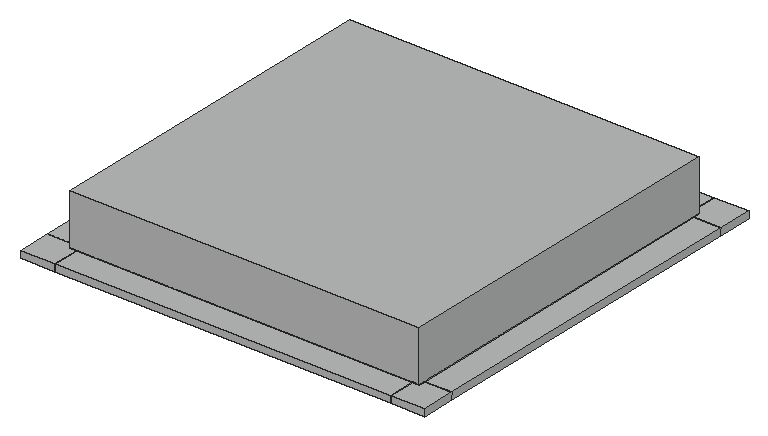
Revit family "ALUMOGIPS", category Осветительные приборы, Revit 2019 (continued)
Types (72, lengths in mm): name | Файл фотометрической сетки | built-in parameter 1150105 | Lumens | built-in parameter 1150106 | built-in parameter 1150142 | Wattage | Emit from Rectangle Width | Emit from Rectangle Length | Длина | Материал светильника | Ширина | ADSK_Ток | ADSK_Полная мощность | ADSK_Обозначение | ADSK_Номинальная мощность | ADSK_Наименование | ADSK_Масса | ADSK_Код изделия
  Alumogips-38/opal-sand 295х1195 (IP54, 4000К, серый) c БАП на 3 часа | "Светильник ALUMOGIPS-38 OPAL-SAND-(295x1195).ies" | 302.39 (stored number, unit not read) | 3800 lm | 3.0239 (stored number, unit not read) | "IESNA:LM-63-1995\r\n[TEST] Протокол №334/16 от 03.11.2016г. Испытательная лаборатория Государственного предприятия \"ЦСОТ НАН Беларуси\"\r\n[MORE] FFFFFFFD255B12BA015C13F525FB5F2F2\r\n[DATA] 02.11.2016\r\n[MANUFAC] ЗАО \"Центрстройсвет\"\r\n[LUMCAT] Светильник ALUMOGIPS-38/OPAL-SAND-(295X1195)\r\n[LUMINAIRE] офисное освещение\r\n[LAMP] \r\nTILT=NONE\r\n1    -1.0   1.000 91 181 1 2   .295   1.195   0.04\r\n1.0  1.0   37.90\r\n0.0 2.0 4.0 6.0 8.0 10.0 12.0 14.0 16.0 18.0 20.0 22.0 24.0 26.0 28.0 30.0 32.0 34.0 36.0 38.0 40.0 42.0 44.0 46.0 48.0 50.0 52.0 54.0 56.0 58.0 60.0 62.0 64.0 66.0 68.0 70.0 72.0 74.0 76.0 78.0 80.0 82.0 84.0 86.0 88.0 90.0 92.0 94.0 96.0 98.0 100.0 102.0 104.0 106.0 108.0 110.0 112.0 114.0 116.0 118.0 120.0 122.0 124.0 126.0 128.0 130.0 132.0 134.0 136.0 138.0 140.0 142.0 144.0 146.0 148.0 150.0 152.0 154.0 156.0 158.0 160.0 162.0 164.0 166.0 168.0 170.0 172.0 174.0 176.0 178.0 180.0 \r\n0.0 2.0 4.0 6.0 8.0 10.0 12.0 14.0 16.0 18.0 20.0 22.0 24.0 26.0 28.0 30.0 32.0 34.0 36.0 38.0 40.0 42.0 44.0 46.0 48.0 50.0 52.0 54.0 56.0 58.0 60.0 62.0 64.0 66.0 68.0 70.0 72.0 74.0 76.0 78.0 80.0 82.0 84.0 86.0 88.0 90.0 92.0 94.0 96.0 98.0 100.0 102.0 104.0 106.0 108.0 110.0 112.0 114.0 116.0 118.0 120.0 122.0 124.0 126.0 128.0 130.0 132.0 134.0 136.0 138.0 140.0 142.0 144.0 146.0 148.0 150.0 152.0 154.0 156.0 158.0 160.0 162.0 164.0 166.0 168.0 170.0 172.0 174.0 176.0 178.0 180.0 182.0 184.0 186.0 188.0 190.0 192.0 194.0 196.0 198.0 200.0 202.0 204.0 206.0 208.0 210.0 212.0 214.0 216.0 218.0 220.0 222.0 224.0 226.0 228.0 230.0 232.0 234.0 236.0 238.0 240.0 242.0 244.0 246.0 248.0 250.0 252.0 254.0 256.0 258.0 260.0 262.0 264.0 266.0 268.0 270.0 272.0 274.0 276.0 278.0 280.0 282.0 284.0 286.0 288.0 290.0 292.0 294.0 296.0 298.0 300.0 302.0 304.0 306.0 308.0 310.0 312.0 314.0 316.0 318.0 320.0 322.0 324.0 326.0 328.0 330.0 332.0 334.0 336.0 338.0 340.0 342.0 344.0 346.0 348.0 350.0 352.0 354.0 356.0 358.0 360.0 \r\n1417.637 1416.354 1411.816 1405.303 1395.733 1384.288 1370.276 1353.307 1334.658 1313.741 1290.456 1264.901 1237.669 1208.563 1177.582 1144.923 1111.476 1076.252 \r\n1039.646 1001.857 963.476 923.417 883.260 842.018 801.072 758.644 716.317 673.693 630.576 587.064 543.749 500.435 457.614 414.891 371.972 330.137 289.191 248.836 209.765 171.778 \r\n133.693 99.653 67.389 36.901 9.077 0.592 0.592 0.592 0.493 0.493 0.493 0.493 0.493 0.493 0.493 0.493 0.395 0.395 0.395 0.395 0.395 0.395 0.395 0.296 0.296 0.296 0.296 0.296 0.296 0.296 0.296 0.197 \r\n0.197 0.197 0.197 0.197 0.197 0.197 0.197 0.098 0.098 0.098 0.098 0.098 0.098 0.098 0.098 0.000 0.000 0.000 0.000 \r\n1417.637 1416.453 1411.914 1405.402 1395.930 1384.583 1370.671 1353.701 1335.053 1314.234 1290.850 1265.395 1238.261 1209.155 1178.075 1145.515 1112.067 1076.844 \r\n1040.239 1002.548 964.167 924.207 883.951 842.708 801.762 759.336 717.008 674.383 631.267 587.755 544.441 501.126 458.206 415.385 372.465 330.631 289.585 249.231 210.160 172.172 \r\n134.088 99.949 67.685 37.198 9.275 0.592 0.592 0.592 0.493 0.493 0.493 0.493 0.493 0.493 0.493 0.493 0.395 0.395 0.395 0.395 0.395 0.395 0.395 0.296 0.296 0.296 0.296 0.296 0.296 0.296 0.296 0.197 \r\n0.197 0.197 0.197 0.197 0.197 0.197 0.197 0.098 0.098 0.098 0.098 0.098 0.098 0.098 0.098 0.000 0.000 0.000 0.000 \r\n1417.637 1416.453 1412.013 1405.600 1396.226 1384.781 1370.968 1354.095 1335.448 1314.629 1291.344 1265.888 1238.754 1209.648 1178.667 1146.206 1112.758 1077.534 \r\n1040.929 1003.140 964.857 924.898 884.740 843.400 802.453 760.026 717.698 674.976 631.859 588.446 545.032 501.718 458.798 415.977 373.057 331.124 290.079 249.625 210.553 172.567 \r\n134.383 100.245 67.883 37.394 9.472 0.592 0.592 0.592 0.493 0.493 0.493 0.493 0.493 0.493 0.493 0.493 0.395 0.395 0.395 0.395 0.395 0.395 0.395 0.296 0.296 0.296 0.296 0.296 0.296 0.296 0.296 0.197 \r\n0.197 0.197 0.197 0.197 0.197 0.197 0.197 0.098 0.098 0.098 0.098 0.098 0.098 0.098 0.098 0.000 0.000 0.000 0.000 \r\n1417.637 1416.551 1412.111 1405.796 1396.423 1385.077 1371.264 1354.391 1335.842 1315.024 1291.837 1266.382 1239.248 1210.240 1179.259 1146.798 1113.350 1078.126 \r\n1041.620 1003.831 965.548 925.588 885.431 844.090 803.143 760.717 718.389 675.666 632.549 589.038 545.723 502.310 459.390 416.569 373.550 331.617 290.474 250.119 210.948 172.863 \r\n134.679 100.541 68.178 37.591 9.669 0.592 0.592 0.592 0.493 0.493 0.493 0.493 0.493 0.493 0.493 0.493 0.395 0.395 0.395 0.395 0.395 0.395 0.395 0.296 0.296 0.296 0.296 0.296 0.296 0.296 0.296 0.197 \r\n0.197 0.197 0.197 0.197 0.197 0.197 0.197 0.098 0.098 0.098 0.098 0.098 0.098 0.098 0.098 0.000 0.000 0.000 0.000 \r\n1417.637 1416.551 1412.309 1405.895 1396.621 1385.373 1371.559 1354.786 1336.237 1315.419 1292.232 1266.875 1239.742 1210.733 1179.851 1147.390 1113.942 1078.816 \r\n1042.310 1004.521 966.238 926.279 886.121 844.879 803.834 761.408 719.080 676.357 633.240 589.728 546.315 502.902 459.982 417.062 374.043 332.110 290.967 250.513 211.343 173.258 \r\n135.074 100.837 68.376 37.888 9.965 0.592 0.592 0.592 0.493 0.493 0.493 0.493 0.493 0.493 0.493 0.493 0.395 0.395 0.395 0.395 0.395 0.395 0.395 0.296 0.296 0.296 0.296 0.296 0.296 0.296 0.296 0.197 \r\n0.197 0.197 0.197 0.197 0.197 0.197 0.197 0.098 0.098 0.098 0.098 0.098 0.098 0.098 0.098 0.000 0.000 0.000 0.000 \r\n1417.637 1416.650 1412.407 1406.093 1396.917 1385.669 1371.954 1355.181 1336.632 1315.912 1292.725 1267.368 1240.334 1211.325 1180.443 1147.982 1114.633 1079.409 \r\n1042.903 1005.212 966.929 926.969 886.812 845.569 804.524 762.098 719.770 677.048 633.832 590.320 546.907 503.494 460.574 417.654 374.636 332.603 291.460 250.908 211.738 173.653 \r\n135.371 101.133 68.671 38.086 10.163 0.592 0.592 0.592 0.493 0.493 0.493 0.493 0.493 0.493 0.493 0.493 0.395 0.395 0.395 0.395 0.395 0.395 0.395 0.296 0.296 0.296 0.296 0.296 0.296 0.296 0.296 0.197 \r\n0.197 0.197 0.197 0.197 0.197 0.197 0.197 0.098 0.098 0.098 0.098 0.098 0.098 0.098 0.098 0.000 0.000 0.000 0.000 \r\n1417.637 1416.650 1412.506 1406.191 1397.114 1385.866 1372.250 1355.576 1337.027 1316.307 1293.218 1267.861 1240.827 1211.918 1181.035 1148.672 1115.225 1080.099 \r\n1043.593 1005.902 967.620 927.660 887.503 846.260 805.215 762.789 720.461 677.739 634.523 591.011 547.598 504.086 461.166 418.247 375.129 333.098 291.855 251.401 212.132 173.948 \r\n135.666 101.429 68.968 38.381 10.360 0.592 0.592 0.592 0.493 0.493 0.493 0.493 0.493 0.493 0.493 0.493 0.395 0.395 0.395 0.395 0.395 0.395 0.395 0.296 0.296 0.296 0.296 0.296 0.296 0.296 0.296 0.197 \r\n0.197 0.197 0.197 0.197 0.197 0.197 0.197 0.098 0.098 0.098 0.098 0.098 0.098 0.098 0.098 0.000 0.000 0.000 0.000 \r\n1417.637 1416.650 1412.604 1406.389 1397.311 1386.162 1372.546 1355.871 1337.421 1316.701 1293.613 1268.355 1241.320 1212.411 1181.627 1149.265 1115.816 1080.691 \r\n1044.284 1006.593 968.212 928.351 888.194 846.951 805.906 763.479 721.151 678.429 635.213 591.702 548.190 504.777 461.758 418.740 375.721 333.591 292.348 251.796 212.527 174.343 \r\n135.962 101.627 69.165 38.579 10.557 0.592 0.592 0.592 0.493 0.493 0.493 0.493 0.493 0.493 0.493 0.395 0.395 0.395 0.395 0.395 0.395 0.395 0.395 0.296 0.296 0.296 0.296 0.296 0.296 0.296 0.296 0.197 \r\n0.197 0.197 0.197 0.197 0.197 0.197 0.197 0.098 0.098 0.098 0.098 0.098 0.098 0.098 0.098 0.000 0.000 0.000 0.000 \r\n1417.637 1416.749 1412.704 1406.586 1397.607 1386.458 1372.941 1356.266 1337.815 1317.095 1294.106 1268.848 1241.813 1213.003 1182.219 1149.856 1116.409 1081.382 \r\n1044.876 1007.283 968.902 929.042 888.885 847.642 806.597 764.170 721.843 679.120 635.806 592.293 548.881 505.368 462.351 419.332 376.214 334.084 292.841 252.191 212.922 174.738 \r\n136.357 101.922 69.461 38.776 10.853 0.592 0.592 0.592 0.493 0.493 0.493 0.493 0.493 0.493 0.493 0.395 0.395 0.395 0.395 0.395 0.395 0.395 0.395 0.296 0.296 0.296 0.296 0.296 0.296 0.296 0.296 0.197 \r\n0.197 0.197 0.197 0.197 0.197 0.197 0.197 0.098 0.098 0.098 0.098 0.098 0.098 0.098 0.098 0.000 0.000 0.000 0.000 \r\n1417.637 1416.749 1412.802 1406.684 1397.805 1386.754 1373.237 1356.661 1338.210 1317.589 1294.599 1269.341 1242.406 1213.496 1182.811 1150.448 1117.099 1081.974 \r\n1045.566 1007.974 969.593 929.732 889.575 848.333 807.287 764.861 722.533 679.712 636.496 592.985 549.472 505.960 462.942 419.825 376.707 334.577 293.236 252.684 213.317 175.034 \r\n136.652 102.218 69.659 39.072 11.051 0.592 0.592 0.592 0.493 0.493 0.493 0.493 0.493 0.493 0.493 0.395 0.395 0.395 0.395 0.395 0.395 0.395 0.395 0.296 0.296 0.296 0.296 0.296 0.296 0.296 0.296 0.197 \r\n0.197 0.197 0.197 0.197 0.197 0.197 0.197 0.098 0.098 0.098 0.098 0.098 0.098 0.098 0.098 0.000 0.000 0.000 0.000 \r\n1417.637 1416.848 1412.901 1406.882 1398.002 1387.051 1373.533 1356.957 1338.605 1317.983 1294.994 1269.834 1242.899 1214.089 1183.403 1151.041 1117.692 1082.665 \r\n1046.257 1008.566 970.284 930.423 890.266 849.121 807.978 765.552 723.224 680.403 637.187 593.675 550.163 506.553 463.534 420.416 377.300 335.071 293.729 253.079 213.712 175.429 \r\n136.949 102.515 69.954 39.269 11.248 0.592 0.592 0.592 0.493 0.493 0.493 0.493 0.493 0.493 0.493 0.395 0.395 0.395 0.395 0.395 0.395 0.395 0.395 0.296 0.296 0.296 0.296 0.296 0.296 0.296 0.296 0.197 \r\n0.197 0.197 0.197 0.197 0.197 0.197 0.197 0.098 0.098 0.098 0.098 0.098 0.098 0.098 0.098 0.000 0.000 0.000 0.000 \r\n1417.637 1416.848 1412.999 1407.079 1398.298 1387.247 1373.829 1357.352 1339.000 1318.378 1295.488 1270.327 1243.392 1214.680 1183.995 1151.731 1118.283 1083.257 \r\n1046.849 1009.257 970.975 931.113 891.055 849.813 808.668 766.242 723.914 681.093 637.779 594.266 550.755 507.145 464.126 421.009 377.793 335.564 294.222 253.474 214.105 175.823 \r\n137.343 102.810 70.250 39.467 11.445 0.592 0.592 0.592 0.493 0.493 0.493 0.493 0.493 0.493 0.493 0.395 0.395 0.395 0.395 0.395 0.395 0.395 0.395 0.296 0.296 0.296 0.296 0.296 0.296 0.296 0.296 0.197 \r\n0.197 0.197 0.197 0.197 0.197 0.197 0.197 0.098 0.098 0.098 0.098 0.098 0.098 0.098 0.098 0.000 0.000 0.000 0.000 \r\n1417.637 1416.946 1413.098 1407.178 1398.495 1387.544 1374.223 1357.747 1339.395 1318.773 1295.882 1270.822 1243.886 1215.174 1184.587 1152.323 1118.974 1083.848 \r\n1047.540 1009.947 971.665 931.903 891.746 850.503 809.359 766.933 724.507 681.784 638.470 594.958 551.445 507.836 464.718 421.502 378.287 336.057 294.617 253.967 214.500 176.119 \r\n137.640 103.106 70.447 39.762 11.741 0.592 0.592 0.592 0.493 0.493 0.493 0.493 0.493 0.493 0.493 0.395 0.395 0.395 0.395 0.395 0.395 0.395 0.395 0.296 0.296 0.296 0.296 0.296 0.296 0.296 0.296 0.197 \r\n0.197 0.197 0.197 0.197 0.197 0.197 0.197 0.098 0.098 0.098 0.098 0.098 0.098 0.098 0.098 0.000 0.000 0.000 0.000 \r\n1417.637 1416.946 1413.197 1407.376 1398.693 1387.839 1374.520 1358.042 1339.789 1319.168 1296.376 1271.315 1244.477 1215.765 1185.179 1152.915 1119.566 1084.539 \r\n1048.230 1010.638 972.356 932.594 892.436 851.194 810.050 767.623 725.197 682.474 639.160 595.649 552.038 508.427 465.310 422.094 378.878 336.550 295.111 254.362 214.895 176.514 \r\n137.935 103.403 70.744 39.960 11.939 0.592 0.592 0.592 0.493 0.493 0.493 0.493 0.493 0.493 0.493 0.395 0.395 0.395 0.395 0.395 0.395 0.395 0.395 0.296 0.296 0.296 0.296 0.296 0.296 0.296 0.296 0.197 \r\n0.197 0.197 0.197 0.197 0.197 0.197 0.197 0.098 0.098 0.098 0.098 0.098 0.098 0.098 0.098 0.000 0.000 0.000 0.000 \r\n1417.637 1417.044 1413.295 1407.474 1398.890 1388.135 1374.815 1358.437 1340.184 1319.661 1296.869 1271.808 1244.971 1216.258 1185.673 1153.507 1120.158 1085.131 \r\n1048.823 1011.329 973.046 933.284 893.127 851.884 810.741 768.314 725.888 683.165 639.752 596.240 552.728 509.019 465.902 422.686 379.371 337.044 295.505 254.757 215.388 176.909 \r\n138.232 103.698 70.942 40.157 12.136 0.592 0.592 0.592 0.493 0.493 0.493 0.493 0.493 0.493 0.493 0.395 0.395 0.395 0.395 0.395 0.395 0.395 0.395 0.296 0.296 0.296 0.296 0.296 0.296 0.296 0.296 0.197 \r\n0.197 0.197 0.197 0.197 0.197 0.197 0.197 0.098 0.098 0.098 0.098 0.098 0.098 0.098 0.098 0.000 0.000 0.000 0.000 \r\n1417.637 1417.044 1413.394 1407.671 1399.187 1388.333 1375.111 1358.832 1340.578 1320.056 1297.264 1272.301 1245.464 1216.851 1186.264 1154.099 1120.849 1085.822 \r\n1049.513 1012.020 973.737 933.975 893.818 852.575 811.432 769.004 726.578 683.855 640.443 596.930 553.321 509.611 466.494 423.180 379.964 337.537 295.999 255.250 215.783 177.304 \r\n138.626 103.994 71.237 40.453 12.333 0.592 0.592 0.592 0.493 0.493 0.493 0.493 0.493 0.493 0.493 0.395 0.395 0.395 0.395 0.395 0.395 0.395 0.395 0.296 0.296 0.296 0.296 0.296 0.296 0.296 0.296 0.197 \r\n0.197 0.197 0.197 0.197 0.197 0.197 0.197 0.098 0.098 0.098 0.098 0.098 0.098 0.098 0.098 0.000 0.000 0.000 0.000 \r\n1417.637 1417.143 1413.492 1407.869 1399.383 1388.629 1375.506 1359.226 1340.973 1320.451 1297.757 1272.795 1246.056 1217.443 1186.856 1154.790 1121.441 1086.414 \r\n1050.204 1012.711 974.428 934.665 894.508 853.365 812.122 769.695 727.269 684.448 641.134 597.523 554.011 510.203 467.086 423.772 380.457 338.031 296.492 255.645 216.178 177.599 \r\n138.922 104.291 71.533 40.650 12.629 0.592 0.592 0.592 0.493 0.493 0.493 0.493 0.493 0.493 0.493 0.395 0.395 0.395 0.395 0.395 0.395 0.395 0.395 0.296 0.296 0.296 0.296 0.296 0.296 0.296 0.296 0.197 \r\n0.197 0.197 0.197 0.197 0.197 0.197 0.197 0.098 0.098 0.098 0.098 0.098 0.098 0.098 0.098 0.000 0.000 0.000 0.000 \r\n1417.637 1417.143 1413.592 1407.967 1399.580 1388.925 1375.803 1359.523 1341.367 1320.845 1298.250 1273.288 1246.550 1217.936 1187.448 1155.382 1122.032 1087.105 \r\n1050.894 1013.401 975.119 935.356 895.199 854.055 812.813 770.386 727.959 685.138 641.725 598.213 554.603 510.795 467.678 424.265 380.951 338.524 296.887 256.038 216.573 177.994 \r\n139.218 104.586 71.730 40.848 12.826 0.592 0.592 0.493 0.493 0.493 0.493 0.493 0.493 0.493 0.493 0.395 0.395 0.395 0.395 0.395 0.395 0.395 0.395 0.296 0.296 0.296 0.296 0.296 0.296 0.296 0.296 0.197 \r\n0.197 0.197 0.197 0.197 0.197 0.197 0.197 0.098 0.098 0.098 0.098 0.098 0.098 0.098 0.098 0.000 0.000 0.000 0.000 \r\n1417.637 1417.242 1413.690 1408.165 1399.877 1389.220 1376.098 1359.917 1341.762 1321.339 1298.645 1273.781 1247.043 1218.528 1188.041 1155.974 1122.723 1087.697 \r\n1051.487 1013.993 975.810 936.046 895.889 854.746 813.503 771.077 728.650 685.829 642.416 598.904 555.294 511.486 468.270 424.857 381.542 339.018 297.380 256.533 216.967 178.389 \r\n139.613 104.882 72.026 41.143 13.024 0.592 0.592 0.493 0.493 0.493 0.493 0.493 0.493 0.493 0.493 0.395 0.395 0.395 0.395 0.395 0.395 0.395 0.395 0.296 0.296 0.296 0.296 0.296 0.296 0.296 0.296 0.197 \r\n0.197 0.197 0.197 0.197 0.197 0.197 0.197 0.098 0.098 0.098 0.098 0.098 0.098 0.098 0.098 0.000 0.000 0.000 0.000 \r\n1417.637 1417.242 1413.789 1408.362 1400.075 1389.517 1376.394 1360.311 1342.157 1321.733 1299.138 1274.274 1247.536 1219.022 1188.632 1156.566 1123.315 1088.388 \r\n1052.177 1014.684 976.500 936.738 896.581 855.436 814.194 771.768 729.341 686.519 643.107 599.496 555.885 512.078 468.862 425.449 382.035 339.511 297.873 256.926 217.362 178.685 \r\n139.909 105.079 72.223 41.341 13.221 0.592 0.592 0.493 0.493 0.493 0.493 0.493 0.493 0.493 0.493 0.395 0.395 0.395 0.395 0.395 0.395 0.395 0.395 0.296 0.296 0.296 0.296 0.296 0.296 0.296 0.296 0.197 \r\n0.197 0.197 0.197 0.197 0.197 0.197 0.197 0.098 0.098 0.098 0.098 0.098 0.098 0.098 0.098 0.000 0.000 0.000 0.000 \r\n1417.637 1417.341 1413.986 1408.461 1400.271 1389.715 1376.789 1360.608 1342.552 1322.128 1299.632 1274.768 1248.128 1219.614 1189.224 1157.256 1123.907 1088.980 \r\n1052.868 1015.374 977.191 937.428 897.369 856.127 814.884 772.458 730.032 687.211 643.698 600.187 556.577 512.670 469.454 425.942 382.529 340.004 298.268 257.321 217.756 179.080 \r\n140.204 105.376 72.520 41.538 13.517 0.592 0.592 0.493 0.493 0.493 0.493 0.493 0
